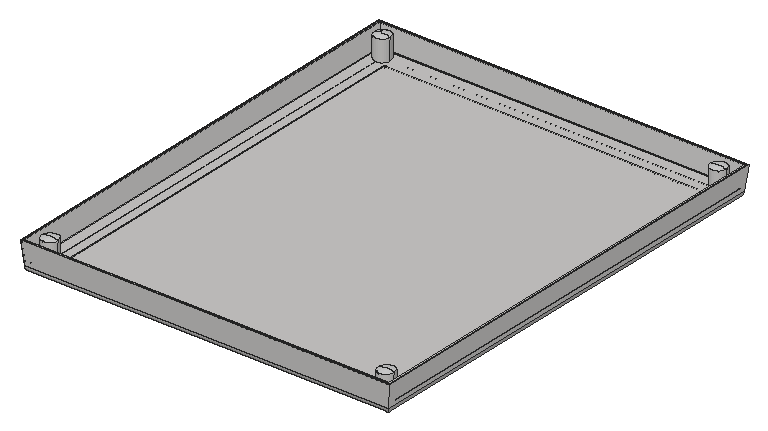
Revit family "NLRS_33_GM_FB_TC_STORAX_vloerluik_BV-F90_BCB", category Generic Models, host Face, Revit 2014
Parameters (values of type "BV-F90 108")
  vullen_met_beton = "ja"  # constant formula
  vergrendeling = "nee"  # constant formula
  uitwendige_lengte = 1135 mm
  uitwendige_breedte = 935 mm
  sluiting = "4"  # constant formula
  scharnierend = "nee"  # constant formula
  rubberen_afdichting = "enkel"  # constant formula
  productgroep = "Vloerluiken"  # constant formula
  materiaal = bcb_staal
  inbouwhoogte [instance] = 75 mm
  geïsoleerd = "ja"  # constant formula
  gewicht = "54"
  gasdrukveer = "nee"  # constant formula
  brandwerend 90 min = "ja"  # constant formula
  binnenmaat_lengte = uitwendige_lengte - 135 mm  # 1000 mm
  binnenmaat_breedte = uitwendige_breedte - 135 mm  # 800 mm
  binnenluik = "tbv betonvulling"  # constant formula
  belasting = "125 kN"  # constant formula
  URL = "http://www.storax.nl/producten/Staal/187/Type-BV-F90"
  Model = "BV"  # constant formula
  Manufacturer = "Storax"  # constant formula
  Default Elevation = 0 mm  # constant formula
Types (11, lengths in mm): name | uitwendige_lengte | uitwendige_breedte | gewicht | binnenmaat_lengte | binnenmaat_breedte
  (no name) | 1135 | 935 | "54" | 1000 | 800
  BV-F90 33 | 435 | 435 | "13" | 300 | 300
  BV-F90 45 | 585 | 585 | "21" | 450 | 450
  BV-F90 55 | 685 | 685 | "23" | 550 | 550
  BV-F90 64 | 735 | 535 | "23" | 600 | 400
  BV-F90 66 | 735 | 735 | "30" | 600 | 600
  BV-F90 86 | 935 | 735 | "38" | 800 | 600
  BV-F90 88 | 935 | 935 | "45" | 800 | 800
  BV-F90 106 | 1135 | 735 | "45" | 1000 | 600
  BV-F90 108 | 1135 | 935 | "54" | 1000 | 800
  BV-F90 110 | 1135 | 1135 | "63" | 1000 | 1000
Reference planes
  plane 1 "Center (Front/Back)": y = 0
  plane 2: z = 0
  plane 3 "Center (Left/Right)": x = 0
  plane 4: y = 567.5
  plane 5: y = -567.5
  plane 6: x = 467.5
  plane 7: x = -467.5
  plane 8: z = -75
  plane 9: x = -425.5
  plane 10: y = 525.5
  plane 11: y = -525.5
  plane 12: x = 425.5
  plane 13: x = -305.5
  plane 14: x = 305.5
  plane 15: y = -405.5
  plane 16: y = 405.5
  plane 17: x = -397
  plane 18: x = 397
  plane 19: y = -496.5
  plane 20: y = 496.5
Forms (mm)
  Sweep 1, solid, material "bcb_staal" <- "materiaal", detail levels medium+fine
    path origin (0, 0, 0) x (1, 0, 0) y (0, 1, 0)
      loop
        line (-467.5, 567.5) -> (-467.5, -567.5) -> (467.5, -567.5) -> (467.5, 567.5) -> (-467.5, 567.5)
    profile origin (-467.5, 0, 0) x (-1, 0, 0) y (0, 0, 1)
      loop
        line (0, 0) -> (-2.01, 0) -> (-8.062, -60.739)
        arc (-8.062, -60.739) -> (-19.025, -71.913) -> (-32.302, -63.62) r 12.5
        line (-32.302, -63.62) -> (-34.724, -56.679)
        arc (-34.724, -56.679) -> (-38.41, -54.001) -> (-42.212, -56.51) r 4
        line (-42.212, -56.51) -> (-44.362, -61.868)
        arc (-44.362, -61.868) -> (-48.269, -64.946) -> (-52.899, -63.13) r 5
        line (-52.899, -63.13) -> (-56.64, -57.982)
        arc (-56.64, -57.982) -> (-63.349, -55.792) -> (-67.5, -61.5) r 6
        line (-67.5, -61.5) -> (-67.5, -75) -> (-65.5, -75) -> (-65.5, -61.5)
        arc (-65.5, -61.5) -> (-62.734, -57.695) -> (-58.262, -59.152) r 4
        line (-58.262, -59.152) -> (-54.667, -64.109)
        arc (-54.667, -64.109) -> (-48.142, -66.947) -> (-42.504, -62.607) r 7
        line (-42.504, -62.607) -> (-40.356, -57.255)
        arc (-40.356, -57.255) -> (-38.451, -56.001) -> (-36.61, -57.346) r 2
        line (-36.61, -57.346) -> (-34.19, -64.279)
        arc (-34.19, -64.279) -> (-18.789, -73.899) -> (-6.071, -60.938) r 14.5
        line (-6.071, -60.938) -> (0, 0)
  Sweep 2, solid, material "bcb_staal" <- "materiaal", detail levels medium+fine
    path origin (0, 0, 0) x (1, 0, 0) y (0, 1, 0)
      loop
        line (-467.5, 567.5) -> (-467.5, -567.5) -> (467.5, -567.5) -> (467.5, 567.5) -> (-467.5, 567.5)
    profile origin (-467.5, 0, 0) x (-1, 0, 0) y (0, 0, 1)
      loop
        line (-10.487, -50.628) -> (-2.484, 0) -> (-4.5, 0) -> (-12.438, -50.313)
        arc (-12.438, -50.313) -> (-13.121, -51.538) -> (-14.437, -52.024) r 2.024
        line (-14.437, -52.024) -> (-67.5, -52.024) -> (-67.5, -53.988) -> (-14.751, -53.988)
        arc (-14.751, -53.988) -> (-11.962, -53.142) -> (-10.487, -50.628) r 4
  Sweep 3, solid, material "bcb_staal" <- "materiaal", detail levels coarse
    path origin (0, 0, 0) x (1, 0, 0) y (0, 1, 0)
      loop
        line (-467.5, 567.5) -> (-467.5, -567.5) -> (467.5, -567.5) -> (467.5, 567.5) -> (-467.5, 567.5)
    profile origin (-467.5, 0, 0) x (-1, 0, 0) y (0, 0, 1)
      loop
        line (0, 0) -> (-4.5, 0) -> (-12.74, -52.024) -> (-67.5, -52.024) -> (-67.5, -75) -> (-7.473, -75) -> (0, 0)
  Extrusion 4, solid, material "bcb_staal" <- "materiaal", detail levels medium+fine
    sketch origin (0, 0, 0) x (1, 0, 0) y (0, 1, 0)
      loop
        line (-400, 500) -> (-400, -500) -> (400, -500) -> (400, 500) -> (-400, 500)
    from -53.988 to -52
  Extrusion 5, solid, material "bcb_staal" <- "materiaal", detail levels coarse
    sketch origin (0, 0, 0) x (1, 0, 0) y (0, 1, 0)
      loop
        line (-400, 500) -> (-400, -500) -> (400, -500) -> (400, 500) -> (-400, 500)
    from -75 to -52.024
  Extrusion 6, void
    sketch origin (0, 0, 0) x (1, 0, 0) y (0, 1, 0)
      loop
        line (-305.5, -405.5) -> (305.5, -405.5) -> (305.5, 405.5) -> (-305.5, 405.5) -> (-305.5, -405.5)
    from -500 to 10
  Sweep 7, void
    path origin (0, 0, 0) x (1, 0, 0) y (0, 1, 0)
      loop
        line (-467.5, 567.5) -> (-467.5, -567.5) -> (467.5, -567.5) -> (467.5, 567.5) -> (-467.5, 567.5)
    profile origin (-467.5, 0, 0) x (-1, 0, 0) y (0, 0, 1)
      loop
        line (0.498, 5) -> (-162, 5) -> (-162, -365) -> (-65.5, -365) -> (-65.5, -75) -> (-7.473, -75) -> (0.498, 5)
  Sweep 8, solid, material "bcb_staal" <- "materiaal"
    path origin (0, 0, 0) x (1, 0, 0) y (0, 1, 0)
      loop
        line (-467.5, 567.5) -> (-467.5, -567.5) -> (467.5, -567.5) -> (467.5, 567.5) -> (-467.5, 567.5)
    profile origin (-467.5, 0, 0) x (-1, 0, 0) y (0, 0, 1)
      loop
        line (-58.5, -55.001) -> (-58.5, -54.001) -> (-66.5, -54.001)
        arc (-66.5, -54.001) -> (-67.914, -54.587) -> (-68.5, -56.001) r 2
        line (-68.5, -56.001) -> (-68.5, -87.001)
        arc (-68.5, -87.001) -> (-68.793, -87.708) -> (-69.5, -88.001) r 1
        line (-69.5, -88.001) -> (-82.5, -88.001) -> (-82.5, -89.001) -> (-69.5, -89.001)
        arc (-69.5, -89.001) -> (-68.086, -88.415) -> (-67.5, -87.001) r 2
        line (-67.5, -87.001) -> (-67.5, -56.001)
        arc (-67.5, -56.001) -> (-67.207, -55.294) -> (-66.5, -55.001) r 1
        line (-66.5, -55.001) -> (-58.5, -55.001)
  Extrusion 9, solid, material "bcb_staal"
    sketch origin (0, 0, 0) x (1, 0, 0) y (0, 1, 0)
      loop
        line (-397, 496.5) -> (-397, -496.5) -> (397, -496.5) -> (397, 496.5) -> (-397, 496.5)
    from -88.001 to -57.982
Cuts and joins
  joined: Sweep 2, Extrusion 4
  joined: Sweep 3, Extrusion 5
Text (mm)
  text "Indien u deze familie geopend hebt vanuit het project via Edit Family: Niet Opslaan!\n\nOpen de familie via File - Open Family om de familie aan te passen.\n\n\n\nMocht u zelf aanpassingen willen aanbrengen in een type van de family, \n\npak dan het type maatwerk en neem contact op met Storax." at (-0.374, 589.999, 0), in view "Ref. Level"
Dimensions and locks
  equal spacing: plane 7, plane 3 "Center (Left/Right)", plane 6
  "uitwendige_breedte": plane 7 to plane 6
  equal spacing: plane 4, plane 1 "Center (Front/Back)", plane 5
  "uitwendige_lengte": plane 4 to plane 5
  locked: plane 4 to plane 10 at 42
  locked: plane 7 to plane 9 at 42
  locked: plane 12 to plane 6 at 42
  locked: plane 5 to plane 11 at 42
  locked: plane 9 to plane 13 at 120
  locked: plane 14 to plane 12 at 120
  locked: plane 15 to plane 11 at 120
  locked: plane 10 to plane 16 at 120
  locked: plane 9 to plane 17 at 28.5
  locked: plane 18 to plane 12 at 28.5
  locked: plane 11 to plane 19 at 29
  locked: plane 10 to plane 20 at 29
  aligned and locked: plane 2 to host face
  aligned and locked: level to host face
  aligned and locked: Sweep 1 sketch curve to plane 4
  aligned and locked: plane 7 to Sweep 1 sketch curve
  aligned and locked: plane 5 to Sweep 1 sketch curve
  aligned and locked: Sweep 1 sketch curve to plane 6
  aligned and locked: Sweep 2 sketch curve to Sweep 1  (x4)
  aligned and locked: Sweep 3 sketch curve to Sweep 1  (x4)
  aligned and locked: Extrusion 4 sketch curve to Sweep 1  (x4)
  aligned and locked: Extrusion 5 sketch curve to Sweep 3  (x2)
  aligned and locked: Extrusion 5 sketch curve to Sweep 1  (x2)
  aligned and locked: plane 9 to nested 1
  aligned and locked: nested 1 to plane 10
  aligned and locked: nested 2 to plane 12
  aligned and locked: plane 10 to nested 2
  aligned and locked: plane 11 to nested 3
  aligned and locked: nested 3 to plane 9
  aligned and locked: nested 4 to plane 11
  aligned and locked: plane 12 to nested 4
  aligned and locked: Extrusion 6 to plane 16
  aligned and locked: Extrusion 6 to plane 14
  aligned and locked: Extrusion 6 to plane 15
  aligned and locked: Extrusion 6 to plane 13
  aligned and locked: Sweep 7 sketch curve to plane 4
  aligned and locked: Sweep 7 sketch curve to plane 6
  aligned and locked: plane 5 to Sweep 7 sketch curve
  aligned and locked: plane 7 to Sweep 7 sketch curve
  aligned and locked: Sweep 8 sketch curve to plane 4
  aligned and locked: Sweep 8 sketch curve to plane 6
  aligned and locked: plane 7 to Sweep 8 sketch curve
  aligned and locked: plane 5 to Sweep 8 sketch curve
  aligned and locked: Extrusion 9 sketch curve to plane 20
  aligned and locked: Extrusion 9 sketch curve to plane 18
  aligned and locked: Extrusion 9 sketch curve to plane 19
  aligned and locked: Extrusion 9 sketch curve to plane 17
Automatic sketch dimensions
  host sketch curve to host sketch curve = 2000 mm  (x2)
  Sweep 1 sketch curve to profile plane = 0 mm
  profile plane to Sweep 1 sketch curve = 6.071 mm
  Sweep 1 sketch curve to Sweep 1 sketch curve = 1.99 mm
  Sweep 1 sketch curve to Sweep 1 sketch curve = 12.438 mm
  Sweep 1 sketch curve to Sweep 1 sketch curve = 0 mm  (x6)
  Sweep 1 sketch curve to Sweep 1 sketch curve = 11.802 mm
  Sweep 1 sketch curve to Sweep 1 sketch curve = 1.888 mm
  Sweep 1 sketch curve to Sweep 1 sketch curve = 2.423 mm
  Sweep 1 sketch curve to Sweep 1 sketch curve = 1.886 mm
  Sweep 1 sketch curve to Sweep 1 sketch curve = 1.89 mm
  Sweep 1 sketch curve to Sweep 1 sketch curve = 1.856 mm  (x2)
  Sweep 1 sketch curve to Sweep 1 sketch curve = 2.147 mm
  Sweep 1 sketch curve to Sweep 1 sketch curve = 1.858 mm
  Sweep 1 sketch curve to Sweep 1 sketch curve = 4.638 mm
  Sweep 1 sketch curve to Sweep 1 sketch curve = 3.899 mm
  Sweep 1 sketch curve to Sweep 1 sketch curve = 1.768 mm
  Sweep 1 sketch curve to Sweep 1 sketch curve = 3.741 mm
  Sweep 1 sketch curve to Sweep 1 sketch curve = 1.622 mm
  Sweep 1 sketch curve to Sweep 1 sketch curve = 3.238 mm
  Sweep 1 sketch curve to Sweep 1 sketch curve = 4 mm
  Sweep 1 sketch curve to Sweep 1 sketch curve = 2 mm
  Sweep 1 sketch curve to level = 56.51 mm
  Sweep 1 sketch curve to Sweep 1 sketch curve = 0.169 mm
  Sweep 1 sketch curve to Sweep 1 sketch curve = 0.745 mm
  Sweep 1 sketch curve to Sweep 1 sketch curve = 0.654 mm
  Sweep 1 sketch curve to Sweep 1 sketch curve = 1.471 mm
  Sweep 1 sketch curve to Sweep 1 sketch curve = 1.17 mm
  Sweep 1 sketch curve to Sweep 1 sketch curve = 2.821 mm
  Sweep 1 sketch curve to Sweep 1 sketch curve = 3.49 mm
  Sweep 1 sketch curve to Sweep 1 sketch curve = 1.239 mm
  Sweep 1 sketch curve to Sweep 1 sketch curve = 0.198 mm
  Sweep 1 sketch curve to Sweep 1 sketch curve = 1.867 mm
  Sweep 1 sketch curve to Sweep 1 sketch curve = 0.739 mm
  Sweep 1 sketch curve to Sweep 1 sketch curve = 13.5 mm
  profile plane to Sweep 1 sketch curve = 2.01 mm
  Sweep 1 sketch curve to Sweep 1 sketch curve = 60.938 mm
  Sweep 2 sketch curve to level = 0 mm
  profile plane to Sweep 2 sketch curve = 14.751 mm
  Sweep 2 sketch curve to Sweep 2 sketch curve = 0.313 mm  (x2)
  Sweep 2 sketch curve to Sweep 2 sketch curve = 0 mm  (x2)
  Sweep 2 sketch curve to Sweep 2 sketch curve = 1.95 mm
  Sweep 2 sketch curve to Sweep 2 sketch curve = 0.315 mm
  Sweep 2 sketch curve to Sweep 2 sketch curve = 53.063 mm
  profile plane to Sweep 2 sketch curve = 4.5 mm
  Sweep 2 sketch curve to Sweep 2 sketch curve = 2.016 mm
  Sweep 2 sketch curve to level = 52.024 mm
  Sweep 2 sketch curve to Sweep 2 sketch curve = 1.963 mm
  Sweep 3 sketch curve to level = 0 mm
  Sweep 3 sketch curve to profile plane = 0 mm
  profile plane to Sweep 3 sketch curve = 4.5 mm
  profile plane to Sweep 3 sketch curve = 12.74 mm
  Sweep 3 sketch curve to Sweep 3 sketch curve = 54.76 mm
  Sweep 3 sketch curve to level = 52.024 mm
  profile plane to Sweep 3 sketch curve = 7.473 mm
  Sweep 3 sketch curve to Sweep 3 sketch curve = 22.976 mm
  Extrusion 6 sketch curve to plane 11 = 120 mm
  Extrusion 6 sketch curve to plane 1 "Center (Front/Back)" = 405.5 mm
  Extrusion 6 sketch curve to plane 13 = 0 mm
  Extrusion 6 sketch curve to plane 14 = 0 mm
  level to Sweep 7 sketch curve = 5 mm
  profile plane to Sweep 7 sketch curve = 162 mm
  profile plane to Sweep 7 sketch curve = 65.5 mm
  profile plane to Sweep 7 sketch curve = 7.473 mm
  Sweep 7 sketch curve to profile plane = 0.498 mm
  Sweep 7 sketch curve to level = 75 mm
  Sweep 7 sketch curve to Sweep 7 sketch curve = 290 mm
  Sweep 8 sketch curve to Sweep 8 sketch curve = 0 mm  (x4)
  Sweep 8 sketch curve to Sweep 8 sketch curve = 1 mm  (x3)
  Sweep 8 sketch curve to Sweep 8 sketch curve = 8 mm
  Sweep 8 sketch curve to level = 56.001 mm
  profile plane to Sweep 8 sketch curve = 68.5 mm
  Sweep 8 sketch curve to Sweep 8 sketch curve = 31 mm
  Sweep 8 sketch curve to Sweep 8 sketch curve = 13 mm
Nested families
  nested 1: "NLRS_33_GM_FB_TC_STORAX_vloerluik_BV_BCB_Inbusbout" at (-425.5, 525.5, -52.024), type "NLRS_33_GM_FB_TC_STORAX_vloerluik_BV_BCB_Inbusbout"
  nested 2: "NLRS_33_GM_FB_TC_STORAX_vloerluik_BV_BCB_Inbusbout" at (425.5, 525.5, -52.024) x (-1, 0, 0) z (0, 0, 1), type "NLRS_33_GM_FB_TC_STORAX_vloerluik_BV_BCB_Inbusbout"
  nested 3: "NLRS_33_GM_FB_TC_STORAX_vloerluik_BV_BCB_Inbusbout" at (-425.5, -525.5, -52.024), type "NLRS_33_GM_FB_TC_STORAX_vloerluik_BV_BCB_Inbusbout"
  nested 4: "NLRS_33_GM_FB_TC_STORAX_vloerluik_BV_BCB_Inbusbout" at (425.5, -525.5, -52.024) x (-1, 0, 0) z (0, 0, 1), type "NLRS_33_GM_FB_TC_STORAX_vloerluik_BV_BCB_Inbusbout"
Definition of nested family "NLRS_33_GM_FB_TC_STORAX_vloerluik_BV_BCB_Inbusbout"
  Parameters (values of type "NLRS_33_GM_FB_TC_STORAX_vloerluik_BV_BCB_Inbusbout")
    materiaal = bcb_staal
    Default Elevation = 1219.2 mm
  Reference planes
    plane 1 "Center (Front/Back)": y = 0
    plane 2: z = 0
    plane 3 "Center (Left/Right)": x = 0
  Forms (mm)
    Extrusion 1, solid, not visible
      sketch origin (0, 0, 0) x (1, 0, 0) y (0, 1, 0)
        loop
          line (-250, 250) -> (-250, -250) -> (250, -250) -> (250, 250) -> (-250, 250)
      from 0 to -100
    Extrusion 2, solid, material "bcb_staal" <- "materiaal", detail levels medium+fine
      sketch origin (0, 0, 0) x (1, 0, 0) y (0, 1, 0)
        loop
          circle (0, 0) r 20
      from 0 to 52
    Revolve 3, solid, material "bcb_kunststof", detail levels medium+fine
      sketch origin (0, 0, 0) x (1, 0, 0) y (0, 0, 1)
        loop
          line (-20, 52) -> (0, 52) -> (0, 56)
          arc (0, 56) -> (-10.198, 54.99) -> (-20, 52) r 52
        axis (0, 56) -> (0, 52)
      angle from 0 to 360
  Dimensions and locks
    aligned and locked: plane 2 to Extrusion 1
    aligned and locked: level to Extrusion 1
